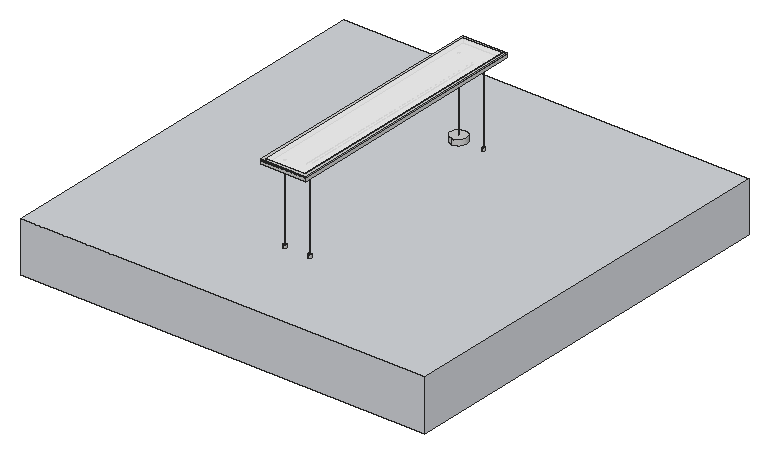
Revit family
Parameters (values of type "LFE DI 60W LED840 L LDO ASH1000 SRE")
  Width = 268 mm  # constant formula
  Wattage = 36.3534 W
  built-in parameter 1150110 = 1 (stored number, unit not read)
  URL = "http://www.zumtobel.com/42181563"
  Type Comments = "© Zumtobel. We reserve the right to make technical changes without prior notice."  # constant formula
  built-in parameter 1114217 = 1 (stored number, unit not read)
  Tilt Angle = -90.00°
  built-in parameter 1150109 = 1 (stored number, unit not read)
  built-in parameter 1150134 = 12
  Cover = Zumtobel_Cover_White_Self_Illumination
  Suspension Height [instance] = 500 mm
  Suspension = Zumtobel_Metal_Aluminium
  built-in parameter 1150113 = 1 (stored number, unit not read)
  Photometric Web File = "LFE_DI_60W_LED840.IES"
  Model = "42181563"
  Manufacturer = "Zumtobel Lighting"  # constant formula
  built-in parameter 1150105 = 429.72 (stored number, unit not read)
  Lumens = 5400 lm
  built-in parameter 1150115 = 1 (stored number, unit not read)
  built-in parameter 1150137 = (empty or 0)
  built-in parameter 1150139 = (empty or 0)
  Length = 1518 mm  # constant formula
  built-in parameter 1150112 = 1 (stored number, unit not read)
  built-in parameter 1150114 = 1 (stored number, unit not read)
  Lamp = "LED"
  built-in parameter 1150132 = 2
  built-in parameter 1150102 = (empty or 0)
  built-in parameter 1150107 = 4000 (stored number, unit not read)
  built-in parameter 1150138 = (empty or 0)
  built-in parameter 1150106 = 4.2972 (stored number, unit not read)
  Height = 28 mm  # constant formula
  Emit from Rectangle Width = Length - 2 mm  # 1516 mm
  Emit from Rectangle Length = Width - 2 mm  # 266 mm
  Emit Shape Visible in Rendering = yes
  built-in parameter 1150104 = 13.8 (stored number, unit not read)
  Dimming Lamp Color Temperature Shift = (empty or 0)
  Description = "LED pendant luminaire"  # constant formula
  Default Elevation = 0 mm
  Color Filter = 16777215
  Ceiling Rose = Zumtobel_Metal_Aluminium
  Body = Zumtobel_Metal_Aluminium
  built-in parameter 1114218 = 1 (stored number, unit not read)
  built-in parameter 1150133 = 10 (stored number, unit not read)
  Assembly Code = "D5020210"
  Apparent Load = 60 VA
Reference planes
  plane 1 "Center (Front/Back)": y = 0
  plane 2 "Top": z = 0
  plane 3 "Center (Left/Right)": x = -0.5
  plane 4: z = 472
  plane 5: z = 500
  plane 6: y = 759
  plane 7: y = -759
  plane 8: x = 133.5
  plane 9: x = -134.5
  plane 10: y = 655
  plane 11: x = -75.5
Forms (mm)
  Extrusion 1, solid
    sketch origin (0, 0, 0) x (1, 0, 0) y (0, 1, 0)
      loop
        line (-1219.2, 1219.2) -> (-1219.2, -1219.2) -> (1219.2, -1219.2) -> (1219.2, 1219.2) -> (-1219.2, 1219.2)
    from 0 to -304.8
Lines and regions (mm)
  symbolic lines, style "Zumtobel Lighting", detail levels coarse
    curve 1: line (-0.5, 759, 0) -> (-0.5, -759, 0)
    curve 2: line (-50.5, 759, 0) -> (49.5, 759, 0)
    curve 3: line (-50.5, -759, 0) -> (49.5, -759, 0)
Dimensions and locks
  "Suspension Height": plane 5 to plane 2 "Top"
  locked: plane 5 to plane 4 at 28
  equal spacing: plane 6, plane 1 "Center (Front/Back)", plane 7
  "Length": plane 6 to plane 7
  "Width": plane 9 to plane 8
  equal spacing: plane 9, plane 3 "Center (Left/Right)", plane 8
  locked: plane 10 to connector elem at 0
  locked: plane 11 to connector elem at 0
  aligned and locked: plane 2 "Top" to Extrusion 1
  aligned and locked: level to Extrusion 1
  aligned and locked: nested 1 to plane 1 "Center (Front/Back)"
  aligned and locked: plane 5 to imposter light
  aligned and locked: plane 3 "Center (Left/Right)" to imposter light
  aligned and locked: nested 1 to imposter light
  aligned and locked: plane 7 to curve 1
  aligned and locked: plane 6 to curve 2
Automatic sketch dimensions
  Extrusion 1 sketch curve to Extrusion 1 sketch curve = 2438.4 mm  (x2)
  plane 8 to curve 2 = 184 mm
  plane 8 to curve 3 = 184 mm
  curve 3 to curve 1 = 50 mm
  curve 1 to curve 3 = 50 mm
  curve 1 to curve 2 = 50 mm
Nested families
  nested 1: "Model Zumtobel LIGHT FIELDS evolution" at (-0.5, -2.506, 0) x (0, -1, 0) z (0, 0, -1), Suspension Height <- "Suspension Height", type "Type 1"
    with Suspension Height 500 mm
Connectors
  electrical at (-75.5, 655, 0), driven by "Apparent Load"
    settings: index 1
Definition of nested family "Model Zumtobel LIGHT FIELDS evolution"
  Parameters (values of type "Type 1")
    Width = 268 mm
    Suspension Height [instance] = 628 mm
    Suspension = Zumtobel_Metal_Aluminium
    Length = 1518 mm
    Height = 28 mm
    Emit Shape Visible in Rendering = no
    Default Elevation = 0 mm
    Cover = Zumtobel_Cover_White_Self_Illumination
    Ceiling Rose = Zumtobel_Metal_Aluminium
    Body = Zumtobel_Metal_Aluminium
    Assembly Code = ""
  Reference planes
    plane 1 "Light Source Axis (F/B)": y = 0
    plane 2 "Top": z = 0
    plane 3 "Light Source Axis (L/R)": x = -2.506
    plane 4 "Top Body": z = -600
    plane 5 "Bottom": z = -628
    plane 6 "Left": x = -761.506
    plane 7 "Right": x = 756.494
    plane 8: y = 134
    plane 9: y = -134
    plane 10: y = 119
    plane 11: y = -119
    plane 12: z = -620.468
    plane 13: z = -622.935
    plane 14: x = -746.506
    plane 15: x = 741.494
    plane 16: z = -580
    plane 17: z = -602.5
    plane 18: y = 75
    plane 19: y = -75
    plane 20: x = 652.494
    plane 21: x = -657.506
    plane 22: z = -13
    plane 23: z = -30
    plane 24: y = 30
    plane 25: y = -30
    plane 26: x = -636.506
    plane 27: x = 631.494
  Forms (mm)
    Extrusion 1, solid, material "Zumtobel_Metal_Aluminium" <- "Suspension", detail levels medium+fine
      sketch origin (-2.506, 0, -419.5) x (0, 1, 0) y (-1, 0, 0)
        loop
          circle (-75, 655) r 6
        loop
          circle (75, 655) r 6
        loop
          circle (-75, -655) r 6
        loop
          circle (75, -655) r 6
      from -180.5 to -160.5
    Extrusion 2, solid, material "Zumtobel_Metal_Aluminium" <- "Suspension", detail levels medium+fine
      sketch origin (-2.506, 0, 0) x (1, 0, 0) y (0, 1, 0)
        loop
          circle (655, 75) r 10
        loop
          circle (655, -75) r 10
        loop
          circle (-655, 75) r 7.5
      from 0 to -13
    Sweep 3, solid, material "Zumtobel_Metal_Aluminium" <- "Body", detail levels medium+fine
      path origin (0, 0, -628) x (0, 1, 0) y (-1, 0, 0)
        loop
          line (134, -756.494) -> (134, 761.506) -> (-134, 761.506) -> (-134, -756.494) -> (134, -756.494)
      profile "Profile_LIGHT FIELDS : Profile_LIGHT FIELDS" origin (-2.506, 134, -628) x (0, -1, 0) y (0, 0, 1)
        loop
          line (0, 0) -> (15, 0) -> (15, 28) -> (0, 28) -> (0, 7.532) -> (2.5, 7.532) -> (2.5, 5.065) -> (0, 5.065) -> (0, 0)
    Extrusion 4, solid, material "Zumtobel_Metal_Aluminium" <- "Body", detail levels medium+fine
      sketch origin (-2.506, 0, 0) x (0, 1, 0) y (0, 0, 1)
        loop
          line (119, -600) -> (-119, -600) -> (-119, -602.5) -> (119, -602.5) -> (119, -600)
      from -744 to 744
    Extrusion 5, solid, material "Zumtobel_Cover_White_Self_Illumination" <- "Cover", detail levels medium+fine
      sketch origin (-2.506, 0, 0) x (0, 1, 0) y (0, 0, 1)
        loop
          line (119, -622.935) -> (-119, -622.935) -> (-119, -628) -> (119, -628) -> (119, -622.935)
      from -744 to 744
    Extrusion 6, solid, material "Zumtobel_Metal_Aluminium" <- "Ceiling Rose", detail levels medium+fine
      sketch origin (0, 0, 0) x (1, 0, 0) y (0, 1, 0)
        loop
          circle (-657.506, 75) r 1
        loop
          circle (-657.506, -75) r 1
        loop
          circle (652.494, 75) r 1
        loop
          circle (652.494, -75) r 1
      from -580 to -13
    Extrusion 7, solid, material "Zumtobel_Metal_Aluminium" <- "Ceiling Rose", detail levels medium+fine
      sketch origin (-2.506, -122, 0) x (1, 0, 0) y (0, 1, 0)
        loop
          circle (-655, 47) r 48.5
      from 0 to -30
    Extrusion 8, solid, material "Zumtobel_Metal_Aluminium" <- "Body", detail levels medium+fine
      sketch origin (-2.506, 0, 0) x (0, 1, 0) y (0, 0, 1)
        loop
          line (27, -580) -> (-27, -580)
          arc (-27, -580) -> (-29.121, -580.879) -> (-30, -583) r 3
          line (-30, -583) -> (-30, -600) -> (30, -600) -> (30, -583)
          arc (30, -583) -> (29.121, -580.879) -> (27, -580) r 3
      from -634 to 634
  Cuts and joins
    joined: Extrusion 1, Extrusion 2
    joined: Sweep 3, Extrusion 4
    joined: Extrusion 6, Extrusion 7
  Dimensions and locks
    "Length": plane 6 "Left" to plane 7 "Right"
    equal spacing: plane 6 "Left", plane 3 "Light Source Axis (L/R)", plane 7 "Right"
    "Suspension Height": plane 2 "Top" to plane 5 "Bottom"
    "Width": plane 8 to plane 9
    locked: plane 6 "Left" to plane 21 at 104
    locked: plane 18 to plane 8 at 59
    plane 9 to plane 19 = 59 mm
    locked: plane 20 to plane 7 "Right" at 104
    locked: plane 4 "Top Body" to plane 16 at 20
    locked: plane 2 "Top" to plane 22 at 13
    locked: plane 6 "Left" to plane 14 at 15
    locked: plane 7 "Right" to plane 15 at 15
    "Height": plane 5 "Bottom" to plane 4 "Top Body"
    plane 12 to plane 13 to plane 5 "Bottom" = 2.468 mm locked, 5.065 mm locked
    locked: plane 17 to plane 4 "Top Body" at 2.5
    equal spacing: plane 8, plane 1 "Light Source Axis (F/B)", plane 9
    locked: plane 8 to plane 10 at 15
    locked: plane 11 to plane 9 at 15
    locked: plane 2 "Top" to plane 23 at 30
    locked: plane 24 to plane 1 "Light Source Axis (F/B)" at 30
    locked: plane 1 "Light Source Axis (F/B)" to plane 25 at 30
    locked: plane 6 "Left" to plane 26 at 125
    locked: plane 7 "Right" to plane 27 at 125
    aligned and locked: level to plane 2 "Top"
    aligned and locked: Sweep 3 sketch curve to plane 8
    aligned and locked: plane 7 "Right" to Sweep 3 sketch curve
    aligned and locked: Sweep 3 sketch curve to plane 9
    aligned and locked: Sweep 3 sketch curve to plane 6 "Left"
    aligned and locked: plane 17 to Extrusion 4 sketch curve
    aligned and locked: plane 4 "Top Body" to Extrusion 4 sketch curve
    aligned and locked: Extrusion 5 sketch curve to plane 13
    aligned and locked: plane 10 to Extrusion 5 sketch curve
    aligned and locked: plane 11 to Extrusion 5 sketch curve
    aligned and locked: plane 5 "Bottom" to Extrusion 5 sketch curve
    aligned and locked: plane 4 "Top Body" to cut or joined group of Extrusion 1, Extrusion 2
    aligned and locked: plane 16 to cut or joined group of Extrusion 1, Extrusion 2
    aligned and locked: plane 22 to Extrusion 6
    aligned and locked: Extrusion 6 to plane 16
    aligned and locked: plane 15 to Extrusion 5
    aligned and locked: plane 14 to Extrusion 5
    aligned and locked: plane 10 to Extrusion 4 sketch curve
    aligned and locked: plane 11 to Extrusion 4 sketch curve
    aligned and locked: plane 15 to Extrusion 4
    aligned: plane 14 to Extrusion 4
    aligned and locked: Extrusion 7 to plane 23
    aligned and locked: plane 14 to cut or joined group of Sweep 3, Extrusion 4
    aligned and locked: plane 16 to Extrusion 8 sketch curve
    aligned and locked: Extrusion 8 sketch curve to plane 25
    aligned and locked: plane 24 to Extrusion 8 sketch curve
    aligned and locked: plane 4 "Top Body" to Extrusion 8 sketch curve
    aligned and locked: plane 26 to Extrusion 8
    aligned and locked: plane 27 to Extrusion 8
  Automatic sketch dimensions
    Extrusion 1 sketch curve to plane 19 = 0 mm  (x2)
    plane 18 to Extrusion 1 sketch curve = 0 mm  (x2)
    Extrusion 1 sketch curve to plane 20 = 0 mm  (x2)
    Extrusion 1 sketch curve to plane 21 = 0 mm  (x2)
    plane 18 to Extrusion 2 sketch curve = 0 mm  (x2)
    Extrusion 2 sketch curve to plane 21 = 0 mm
    Extrusion 2 sketch curve to plane 19 = 0 mm
    Extrusion 2 sketch curve to plane 20 = 0 mm  (x2)
    Extrusion 6 sketch curve to plane 19 = 0 mm  (x2)
    Extrusion 6 sketch curve to plane 21 = 0 mm  (x2)
    plane 18 to Extrusion 6 sketch curve = 0 mm  (x2)
    Extrusion 6 sketch curve to plane 20 = 0 mm  (x2)
    Extrusion 7 sketch curve to plane 19 = 0 mm
    Extrusion 7 sketch curve to plane 21 = 0 mm
    Extrusion 8 sketch curve to plane 16 = 3 mm
    plane 24 to Extrusion 8 sketch curve = 3 mm
    radius of Extrusion 1 sketch curve = 6 mm  (x4)
    radius of Extrusion 2 sketch curve = 10 mm  (x2)
    radius of Extrusion 2 sketch curve = 7.5 mm
    radius of Extrusion 6 sketch curve = 1 mm  (x4)
    radius of Extrusion 7 sketch curve = 48.5 mm
